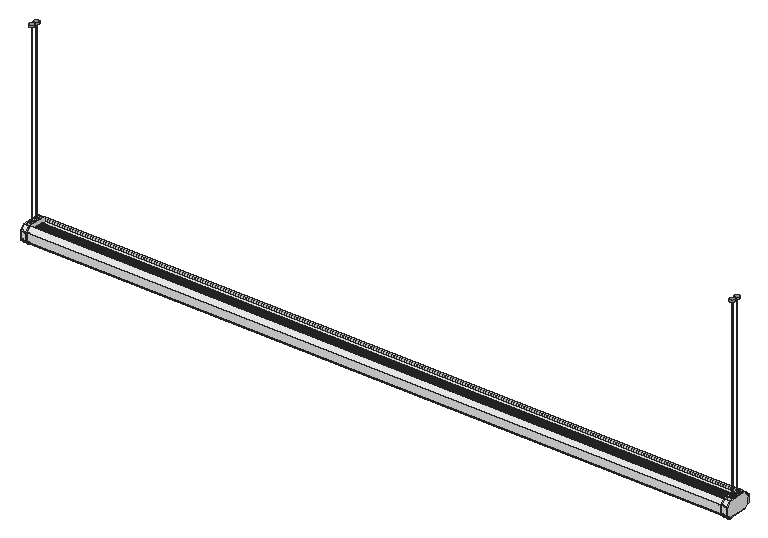
Revit family "Uno Suspended Lighting Fixture 1", category Lighting Fixtures, host Ceiling, Revit 2018 (continued)
Definition of nested family "Uno Suspended-UNOS1-1"
  Automatic sketch dimensions
    Extrusion 20 sketch curve to plane 14 = 0' - 0.02912"
    Extrusion 20 sketch curve to plane 5 = 0' - 0.02059"  (x2)
    Extrusion 20 sketch curve to plane 15 = 0' - 0.06523"  (x2)
    Extrusion 20 sketch curve to plane 14 = 0' - 0.06523"  (x2)
    Extrusion 20 sketch curve to Extrusion 20 sketch curve = 0' - 0"
    Extrusion 20 sketch curve to plane 9 = 0' - 0.10773"  (x2)
    Extrusion 20 sketch curve to plane 7 = 0' - 0 11/256"
    Revolve 21 sketch curve to plane 26 = 0' - 0"  (x2)
    plane 26 to Revolve 21 sketch curve = 0' - 0.0584"
    plane 7 to Revolve 21 sketch curve = 0' - 0 1/256"
    Revolve 21 sketch curve to Revolve 21 sketch curve = 0' - 0.07117"
    Revolve 21 sketch curve to Revolve 21 sketch curve = 0' - 0.04714"  (x2)
    Revolve 21 sketch curve to plane 7 = 0' - 0 3/64"
    Revolve 21 sketch curve to Revolve 21 sketch curve = 0' - 0.02475"  (x2)
    Revolve 21 sketch curve to Revolve 21 sketch curve = 0' - 0.05341"
    Revolve 21 sketch curve to Revolve 21 sketch curve = 0' - 0"
    Revolve 21 sketch curve to Revolve 21 sketch curve = 0' - 0.12376"
    plane 9 to Revolve 22 sketch curve = 0' - 0.0611"
    Revolve 22 sketch curve to plane 23 = 0' - 0.35876"
    Revolve 22 sketch curve to Revolve 22 sketch curve = 0' - 0.0584"
    plane 7 to Revolve 22 sketch curve = 0' - 0 1/256"
    Revolve 22 sketch curve to Revolve 22 sketch curve = 0' - 0.07117"
    Revolve 22 sketch curve to Revolve 22 sketch curve = 0' - 0.04714"  (x2)
    Revolve 22 sketch curve to Revolve 22 sketch curve = 0' - 0.02475"
    Revolve 22 sketch curve to Revolve 22 sketch curve = 0' - 0.05341"
    Revolve 22 sketch curve to plane 7 = 0' - 0 3/64"
    Revolve 22 sketch curve to Revolve 22 sketch curve = 0' - 0"  (x2)
    Revolve 22 sketch curve to Revolve 22 sketch curve = 0' - 0.12376"
    plane 1 "Light Source Axis (F/B)" to Extrusion 23 sketch curve = 0' - 0"
    Extrusion 23 sketch curve to plane 23 = 0' - 0.35876"
    Extrusion 24 sketch curve to plane 23 = 0' - 0.35876"
    radius of Extrusion 6 sketch curve = 0' - 0.13765"  (x3)
    radius of Extrusion 7 sketch curve = 0' - 0.13765"  (x3)
    radius of Extrusion 13 sketch curve = 0' - 0.03694"
    radius of Extrusion 13 sketch curve = 0' - 0.03704"
    radius of Extrusion 14 sketch curve = 0' - 0 9/256"  (x2)
    radius of Extrusion 15 sketch curve = 0' - 0.32865"  (x2)
    radius of Extrusion 15 sketch curve = 0' - 0 21/64"  (x2)
    radius of Extrusion 23 sketch curve = 0' - 0 9/256"  (x2)
    radius of Extrusion 24 sketch curve = 0' - 0.32865"  (x2)
Definition of nested family "Uno Suspended-UNOS1 With Joiner 2"
  Parameters (values of type "8FT")
    Width [instance] = 3' - 10"
    Wattage = 9.2903 W
    built-in parameter 1150110 = 1 (stored number, unit not read)
    built-in parameter 1114217 = 1 (stored number, unit not read)
    Tilt Angle = 90.00°
    built-in parameter 1150109 = 1 (stored number, unit not read)
    built-in parameter 1150134 = (empty or 0)
    built-in parameter 1150113 = 1 (stored number, unit not read)
    Standard Power Dropdown [instance] = yes
    Power over Aircraft Cable [instance] = no
    Photometric Web File = ""
    built-in parameter 1150142 = (empty or 0)
    Material = none
    Lumens = 1075.82 lm
    built-in parameter 1150115 = 1 (stored number, unit not read)
    built-in parameter 1150105 = 85.611 (stored number, unit not read)
    built-in parameter 1150137 = (empty or 0)
    built-in parameter 1150139 = (empty or 0)
    Length = 8' - 0"
    built-in parameter 1150112 = 1 (stored number, unit not read)
    built-in parameter 1150114 = 1 (stored number, unit not read)
    built-in parameter 1150132 = (empty or 0)
    built-in parameter 1150102 = (empty or 0)
    built-in parameter 1150138 = (empty or 0)
    built-in parameter 1150107 = 3000 (stored number, unit not read)
    built-in parameter 1150106 = 0.85611 (stored number, unit not read)
    Heigth = 0' - 2.17"
    Hanger = none
    Glass = none
    Emit from Line Length = 8' - 0"
    built-in parameter 1150104 = 10.758 (stored number, unit not read)
    Distance from ceiling = 5' - 0"
    Dimming Lamp Color Temperature Shift = (empty or 0)
    Depth = 0' - 3.67"
    Color Filter = 16777215
    built-in parameter 1114218 = 1 (stored number, unit not read)
    built-in parameter 1150133 = 10 (stored number, unit not read)
  Types (2): name | Length | Emit from Line Length
    6FT | 6' - 0" | 6' - 0"
    8FT | 8' - 0" | 8' - 0"
  Reference planes (in)
    plane 1 "Light Source Axis (F/B)": y = 0
    plane 2 "Ceiling": z = 96
    plane 3 "Light Source Axis (L/R)": x = 0
    plane 4 "Light Source Elevation": z = 34.915
    plane 5: x = 48
    plane 6: y = 1.835
    plane 7: y = -1.835
    plane 8: z = 36
    plane 9: z = 33.83
    plane 10: z = 35.84252
    plane 11: y = 1.67752
    plane 12: y = -1.67752
    plane 13: z = 33.98748
    plane 14: z = 34.915
    plane 15: z = 35.4575
    plane 16: z = 34.3725
    plane 17: x = -48
    plane 18: x = -47.125
    plane 19: x = 47.125
    plane 20: y = 1.335
    plane 21: y = -1.335
    plane 22: x = -47.20374
    plane 23: x = -47.92126
    plane 24: x = -47.5625
    plane 25: y = 1.085
    plane 26: y = -1.085
    plane 27: z = 33.90874
    plane 28: z = 95.84252
    plane 29: x = -0.25
    plane 30: x = 0.25
    plane 31: x = 47.92188
    plane 32: x = 47.20313
  Forms (in)
    Extrusion 1, solid, material <- "Material"
      sketch origin (0, 0, 0) x (0, 1, 0) y (0, 0, 1)
        loop
          line (1.81441, 35.47809) -> (1.2925, 36) -> (1.2925, 35.5) -> (0.81839, 35.5) -> (0.81839, 36) -> (-0.81839, 36) -> (-0.81839, 35.5) -> (-1.2925, 35.5) -> (-1.2925, 36) -> (-1.81466, 35.47784)
          arc (-1.81466, 35.47784) -> (-1.82971, 35.45531) -> (-1.835, 35.42873) r 0.06946
          line (-1.835, 35.42873) -> (-1.835, 34.40162)
          arc (-1.835, 34.40162) -> (-1.82965, 34.37472) -> (-1.81441, 34.35191) r 0.07031
          line (-1.81441, 34.35191) -> (-1.2925, 33.83) -> (1.2925, 33.83) -> (1.81441, 34.35191)
          arc (1.81441, 34.35191) -> (1.82965, 34.37472) -> (1.835, 34.40162) r 0.07031
          line (1.835, 34.40162) -> (1.835, 35.42838)
          arc (1.835, 35.42838) -> (1.82965, 35.45528) -> (1.81441, 35.47809) r 0.07031
        loop
          line (1.335, 35.4575) -> (0.39377, 35.4575) -> (0.39377, 35.63804) -> (0.58429, 35.63804) -> (0.58429, 35.5) -> (0.77589, 35.5) -> (0.77589, 35.95703) -> (-0.77589, 35.95703) -> (-0.77589, 35.5) -> (-0.58429, 35.5) -> (-0.58429, 35.63804) -> (-0.39377, 35.63804) -> (-0.39377, 35.4575) -> (-1.335, 35.4575) -> (-1.335, 35.73479) -> (-1.67752, 35.39227) -> (-1.67752, 34.43773) -> (-1.22727, 33.98748) -> (1.22727, 33.98748) -> (1.67752, 34.43773) -> (1.67752, 35.39227) -> (1.335, 35.73479) -> (1.335, 35.4575)
        loop
          circle (-0.48903, 35.54777) r 0.03125
        loop
          circle (0.48903, 35.54777) r 0.03125
      from -47.92126 to -47.20374
    Extrusion 2, solid, material <- "Material"
      sketch origin (0, 0, 0) x (0, 1, 0) y (0, 0, 1)
        loop
          line (1.835, 34.40162) -> (1.835, 35.42838)
          arc (1.835, 35.42838) -> (1.82965, 35.45528) -> (1.81441, 35.47809) r 0.07031
          line (1.81441, 35.47809) -> (1.2925, 36) -> (-1.2925, 36) -> (-1.81466, 35.47784)
          arc (-1.81466, 35.47784) -> (-1.82971, 35.45531) -> (-1.835, 35.42873) r 0.06946
          line (-1.835, 35.42873) -> (-1.835, 34.40162)
          arc (-1.835, 34.40162) -> (-1.82965, 34.37472) -> (-1.81441, 34.35191) r 0.07031
          line (-1.81441, 34.35191) -> (-1.2925, 33.83) -> (1.2925, 33.83) -> (1.81441, 34.35191)
          arc (1.81441, 34.35191) -> (1.82965, 34.37472) -> (1.835, 34.40162) r 0.07031
      from -47.20374 to -47.125
    Extrusion 3, solid, material <- "Material"
      sketch origin (0, 0, 0) x (0, 1, 0) y (0, 0, -1)
        loop
          arc (1.835, -34.40162) -> (1.82965, -34.37472) -> (1.81441, -34.35191) r 0.07031
          line (1.81441, -34.35191) -> (1.30507, -33.84257)
          arc (1.30507, -33.84257) -> (1.29114, -33.83327) -> (1.2747, -33.83) r 0.04297
          line (1.2747, -33.83) -> (-1.2747, -33.83)
          arc (-1.2747, -33.83) -> (-1.29113, -33.83327) -> (-1.30507, -33.84257) r 0.04297
          line (-1.30507, -33.84257) -> (-1.81441, -34.35191)
          arc (-1.81441, -34.35191) -> (-1.82965, -34.37472) -> (-1.835, -34.40162) r 0.07031
          line (-1.835, -34.40162) -> (-1.835, -35.42873)
          arc (-1.835, -35.42873) -> (-1.82971, -35.45531) -> (-1.81466, -35.47784) r 0.06946
          line (-1.81466, -35.47784) -> (-1.2925, -36) -> (1.2925, -36) -> (1.81441, -35.47809)
          arc (1.81441, -35.47809) -> (1.82965, -35.45528) -> (1.835, -35.42838) r 0.07031
          line (1.835, -35.42838) -> (1.835, -34.40162)
      from -48 to -47.92187
    Extrusion 4, solid, material <- "Material"
      sketch origin (-46.875, 0, 0) x (0, 1, 0) y (0, 0, -1)
        loop
          line (1.76893, -34.39987) -> (1.26513, -33.89607) -> (-1.26513, -33.89607) -> (-1.76893, -34.39987) -> (-1.76893, -35.43013) -> (-1.26513, -35.93393) -> (1.26513, -35.93393) -> (1.76893, -35.43013) -> (1.76893, -34.39987)
      from 1.04626 to 1.125
    Extrusion 5, void
      sketch origin (0, 0, 0) x (-1, 0, 0) y (0, -1, 0)
        loop
          circle (47.5625, 0) r 0.13765
        loop
          circle (47.5625, -0.39377) r 0.13765
        loop
          circle (47.5625, 0.39377) r 0.13765
      from 35.84252 to 36
    Extrusion 6, void
      sketch origin (0, 0, 0) x (1, 0, 0) y (0, 1, 0)
        loop
          line (-47.125, 1.085) -> (-47.125, -1.085) -> (1.6802, -1.085) -> (47.92187, -1.085) -> (47.92187, 1.085) -> (1.22247, 1.085) -> (-47.125, 1.085)
      from 33.83 to 33.98748
    Revolve 7, solid, material <- "Hanger", visible <- "Power over Aircraft Cable"
      sketch origin (0, 0.39377, 0) x (1, 0, 0) y (0, 0, 1)
        loop
          arc (-47.38579, 36.00391) -> (-47.36103, 36.02866) -> (-47.38579, 36.05341) r 0.02475
          line (-47.38579, 36.05341) -> (-47.5041, 36.05341) -> (-47.5041, 36.10683) -> (-47.5625, 36.10683) -> (-47.5625, 35.90362) -> (-47.38579, 35.90362)
          arc (-47.38579, 35.90362) -> (-47.36103, 35.92837) -> (-47.38579, 35.95313) r 0.02475
          line (-47.38579, 35.95313) -> (-47.43293, 35.95313) -> (-47.43293, 36.00391) -> (-47.38579, 36.00391)
        axis (-47.5625, 35.90362) -> (-47.5625, 36.10683)
      angle from 0 to 360
    Revolve 8, solid, material <- "Hanger", visible <- "Power over Aircraft Cable"
      sketch origin (0, -0.39377, 0) x (1, 0, 0) y (0, 0, -1)
        loop
          line (-47.38579, -36.00391) -> (-47.43293, -36.00391) -> (-47.43293, -35.95313) -> (-47.38579, -35.95313)
          arc (-47.38579, -35.95313) -> (-47.36103, -35.92837) -> (-47.38579, -35.90362) r 0.02475
          line (-47.38579, -35.90362) -> (-47.5625, -35.90362) -> (-47.5625, -36.10683) -> (-47.5041, -36.10683) -> (-47.5041, -36.05341) -> (-47.38579, -36.05341)
          arc (-47.38579, -36.05341) -> (-47.36103, -36.02866) -> (-47.38579, -36.00391) r 0.02475
        axis (-47.5625, -35.90362) -> (-47.5625, -36.10683)
      angle from 0 to 360
    Extrusion 9, solid, material <- "Hanger", visible <- "Power over Aircraft Cable"
      sketch origin (0, 0, 0) x (1, 0, 0) y (0, 1, 0)
        loop
          circle (-47.5625, 0.39377) r 0.03694
        loop
          circle (-47.5625, -0.39377) r 0.03704
      from 36 to 95.84252
    Extrusion 10, solid, material <- "Glass"
      sketch origin (0, 0, 0) x (0, 1, 0) y (0, 0, -1)
        loop
          line (1.085, -33.98748) -> (1.085, -33.90874) -> (-1.085, -33.90874) -> (-1.085, -33.98748) -> (1.085, -33.98748)
      from -47.92187 to 47.125
    Extrusion 11, solid, material <- "Material"
      sketch origin (0, 0, 0) x (0, 1, 0) y (0, 0, -1)
        loop
          arc (1.835, -34.40162) -> (1.82965, -34.37472) -> (1.81441, -34.35191) r 0.07031
          line (1.81441, -34.35191) -> (1.2925, -33.83) -> (-1.2925, -33.83) -> (-1.81441, -34.35191)
          arc (-1.81441, -34.35191) -> (-1.82965, -34.37472) -> (-1.835, -34.40162) r 0.07031
          line (-1.835, -34.40162) -> (-1.835, -35.42873)
          arc (-1.835, -35.42873) -> (-1.82971, -35.45531) -> (-1.81466, -35.47784) r 0.06946
          line (-1.81466, -35.47784) -> (-1.2925, -36) -> (-1.2925, -35.5) -> (-0.69524, -35.5) -> (-0.69524, -35.56038)
          arc (-0.69524, -35.56038) -> (-0.67703, -35.5786) -> (-0.65881, -35.56038) r 0.01821
          line (-0.65881, -35.56038) -> (-0.65881, -35.5) -> (-0.44524, -35.5) -> (-0.44524, -35.56038)
          arc (-0.44524, -35.56038) -> (-0.42703, -35.5786) -> (-0.40881, -35.56038) r 0.01821
          line (-0.40881, -35.56038) -> (-0.40881, -35.5) -> (-0.19524, -35.5) -> (-0.19524, -35.56038)
          arc (-0.19524, -35.56038) -> (-0.17703, -35.5786) -> (-0.15881, -35.56038) r 0.01821
          line (-0.15881, -35.56038) -> (-0.15881, -35.5) -> (0.15881, -35.5) -> (0.15881, -35.56038)
          arc (0.15881, -35.56038) -> (0.17703, -35.5786) -> (0.19524, -35.56038) r 0.01821
          line (0.19524, -35.56038) -> (0.19524, -35.5) -> (0.40881, -35.5) -> (0.40881, -35.56038)
          arc (0.40881, -35.56038) -> (0.42703, -35.5786) -> (0.44524, -35.56038) r 0.01821
          line (0.44524, -35.56038) -> (0.44524, -35.5) -> (0.65881, -35.5) -> (0.65881, -35.56038)
          arc (0.65881, -35.56038) -> (0.67703, -35.5786) -> (0.69524, -35.56038) r 0.01821
          line (0.69524, -35.56038) -> (0.69524, -35.5) -> (1.2925, -35.5) -> (1.2925, -36) -> (1.81441, -35.47809)
          arc (1.81441, -35.47809) -> (1.82965, -35.45528) -> (1.835, -35.42838) r 0.07031
          line (1.835, -35.42838) -> (1.835, -34.40162)
        loop
          line (1.67752, -34.43773) -> (1.22727, -33.98748) -> (-1.22727, -33.98748) -> (-1.67752, -34.43773) -> (-1.67752, -35.39227) -> (-1.335, -35.73479) -> (-1.335, -35.4575) -> (1.335, -35.4575) -> (1.335, -35.73479) -> (1.67752, -35.39227) -> (1.67752, -34.43773)
      from -47.92187 to 47.125
    Sweep 12, solid, material <- "Material"
      path in 3D
        loop
          line (-48, 1.26513, 35.93393) -> (-48, 1.76893, 35.43013) -> (-48, 1.76893, 34.39987) -> (-48, 1.26513, 33.89607) -> (-48, -1.26513, 33.89607) -> (-48, -1.76893, 34.39987) -> (-48, -1.76893, 35.43013) -> (-48, -1.26513, 35.93393) -> (-48, 1.26513, 35.93393)
      profile origin (-48, 0, 35.93393) x (-1, 0, 0) y (0, 0, 1)
        loop
          line (-0.07874, 0.06607) -> (-0.07874, 0) -> (0, 0)
          arc (0, 0) -> (-0.02696, 0.04783) -> (-0.07874, 0.06607) r 0.07804
    Extrusion 13, solid, material <- "Hanger", visible <- "Power over Aircraft Cable"
      sketch origin (0, 0, 0) x (1, 0, 0) y (0, 1, 0)
        loop
          circle (-47.5625, 0.39377) r 0.32812
        loop
          circle (-47.5625, -0.39377) r 0.32812
      from 95.84252 to 96
    Extrusion 14, solid, material <- "Hanger", visible <- "Standard Power Dropdown"
      sketch origin (0, -0.39377, 0) x (1, 0, 0) y (0, 1, 0)
        loop
          circle (-47.5625, 0.39377) r 0.03694
      from 36.10683 to 95.84252
    Extrusion 15, solid, visible <- "Standard Power Dropdown"
      sketch origin (0, -0.39377, 0) x (1, 0, 0) y (0, 1, 0)
        loop
          circle (-47.5625, 0.39377) r 0.32812
      from 95.84252 to 96
    Revolve 16, solid, material <- "Hanger", visible <- "Standard Power Dropdown"
      sketch origin (0, 0, 0) x (1, 0, 0) y (0, 0, 1)
        loop
          arc (-47.38579, 36.00391) -> (-47.36103, 36.02866) -> (-47.38579, 36.05341) r 0.02475
          line (-47.38579, 36.05341) -> (-47.5041, 36.05341) -> (-47.5041, 36.10683) -> (-47.5625, 36.10683) -> (-47.5625, 35.90362) -> (-47.38579, 35.90362)
          arc (-47.38579, 35.90362) -> (-47.36103, 35.92837) -> (-47.38579, 35.95313) r 0.02475
          line (-47.38579, 35.95313) -> (-47.43293, 35.95313) -> (-47.43293, 36.00391) -> (-47.38579, 36.00391)
        axis (-47.5625, 35.90362) -> (-47.5625, 36.10683)
      angle from 0 to 360
  Cuts and joins
    Extrusion 5 cuts Extrusion 1
    Extrusion 6 cuts Extrusion 11
  Lines and regions (in)
    sketch lines
      curve 1: line (-48, -1.26513, 35.93393) -> (-48, 1.26513, 35.93393)
      curve 2: line (-48, 1.26513, 35.93393) -> (-48, 1.76893, 35.43013)
      curve 3: line (-48, 1.76893, 35.43013) -> (-48, 1.76893, 34.39987)
      curve 4: line (-48, 1.76893, 34.39987) -> (-48, 1.26513, 33.89607)
      curve 5: line (-48, 1.26513, 33.89607) -> (-48, -1.26513, 33.89607)
      curve 6: line (-48, -1.26513, 33.89607) -> (-48, -1.76893, 34.39987)
      curve 7: line (-48, -1.76893, 34.39987) -> (-48, -1.76893, 35.43013)
      curve 8: line (-48, -1.76893, 35.43013) -> (-48, -1.26513, 35.93393)
  Dimensions and locks (in)
    equal spacing: host sketch curve, plane 3 "Light Source Axis (L/R)", host sketch curve
    equal spacing: host sketch curve, plane 1 "Light Source Axis (F/B)", host sketch curve
    host sketch curve to host sketch curve = 10' - 0"  (x2)
    plane 3 "Light Source Axis (L/R)" to plane 5 = 4' - 0"
    equal spacing: plane 6, plane 1 "Light Source Axis (F/B)", plane 7
    "Depth": plane 6 to plane 7
    "Distance from ceiling": plane 2 "Ceiling" to plane 8
    locked: plane 8 to plane 10 at 0.15748
    locked: plane 13 to plane 9 at 0.15748
    locked: plane 6 to plane 11 at 0.15748
    locked: plane 12 to plane 7 at 0.15748
    equal spacing: plane 8, plane 14, plane 9
    plane 6 to plane 20 = 0' - 0 1/2"
    locked: plane 7 to plane 21 at 0.5
    "Heigth": plane 8 to plane 9
    equal spacing: plane 8, plane 15, plane 14
    equal spacing: plane 14, plane 16, plane 9
    locked: Extrusion 1 sketch curve to plane 15 at 0.0425
    locked: Extrusion 1 sketch curve to Extrusion 1 sketch curve at 0.0425
    locked: Extrusion 1 sketch curve to plane 21 at 0.0425
    plane 20 to Extrusion 1 sketch curve to Extrusion 1 sketch curve = 0' - 0.51661" locked, 0' - 0.0425" locked
    Extrusion 1 sketch curve to Extrusion 1 sketch curve to plane 21 = 0' - 0.0425" locked, 0' - 0.51661" locked
    locked: plane 22 to plane 18 at 0.07874
    locked: Extrusion 1 to Extrusion 1 at 0.0425
    locked: Extrusion 1 to plane 21 at 0.0425
    locked: plane 23 to plane 17 at 0.07874
    equal spacing: plane 22, plane 24, plane 23
    equal spacing: plane 23, Extrusion 5 sketch curve, plane 22  (x3)
    locked: plane 1 "Light Source Axis (F/B)" to Extrusion 5 sketch curve at 0.39377
    locked: Extrusion 5 sketch curve to plane 1 "Light Source Axis (F/B)" at 0.39377
    locked: plane 20 to plane 25 at 0.25
    locked: plane 21 to plane 26 at 0.25
    equal spacing: plane 13, plane 27, plane 9
    locked: plane 1 "Light Source Axis (F/B)" to Extrusion 9 sketch curve at 0.39377
    locked: plane 23 to Extrusion 9 sketch curve at 0.35876  (x2)
    locked: Extrusion 9 sketch curve to plane 1 "Light Source Axis (F/B)" at 0.39377
    locked: plane 2 "Ceiling" to plane 28 at 0.15748
    plane 23 to plane 24 = 0' - 0.35876"
    plane 29 to plane 3 "Light Source Axis (L/R)" to plane 30 = 0' - 0 1/4" locked, 0' - 0 1/4" locked
    locked: plane 31 to plane 5 at 0.07812
    locked: plane 19 to plane 32 at 0.07813
    Extrusion 11 sketch curve to plane 15 to Extrusion 11 sketch curve = 0' - 0.02034" locked, 0' - 0.02877" locked
    locked: plane 15 to Extrusion 11 sketch curve at 0.06523  (x2)
    Extrusion 11 sketch curve to plane 16 to Extrusion 11 sketch curve = 0' - 0.02059" locked, 0' - 0.02912" locked
    locked: plane 16 to Extrusion 11 sketch curve at 0.06523
    Extrusion 11 sketch curve to plane 15 to Extrusion 11 sketch curve = 0' - 0.02059" locked, 0' - 0.02912" locked
    locked: cut or joined group of Extrusion 1, Extrusion 5 to cut or joined group of Extrusion 1, Extrusion 5 at 0.0425
    Extrusion 11 sketch curve to Extrusion 11 sketch curve to Extrusion 11 sketch curve to plane 1 "Light Source Axis (F/B)" = 0' - 0 1/4" locked, 0' - 0 1/4" locked, 0' - 0.17703" locked
    plane 1 "Light Source Axis (F/B)" to Extrusion 11 sketch curve to Extrusion 11 sketch curve to Extrusion 11 sketch curve = 0' - 0.17703" locked, 0' - 0 1/4" locked, 0' - 0 1/4" locked
    "Length": plane 17 to plane 5
    equal spacing: plane 17, plane 3 "Light Source Axis (L/R)", plane 5
    plane 19 to plane 5 = 0' - 0 7/8"
    aligned and locked: plane 3 "Light Source Axis (L/R)" to imposter light
    aligned and locked: plane 1 "Light Source Axis (F/B)" to imposter light
    aligned and locked: plane 4 "Light Source Elevation" to imposter light
    aligned and locked: plane 15 to Extrusion 1 sketch curve
    aligned and locked: Extrusion 1 sketch curve to plane 21
    aligned and locked: plane 22 to Extrusion 1
    aligned and locked: plane 8 to Extrusion 2 sketch curve
    aligned and locked: plane 9 to Extrusion 2 sketch curve
    aligned and locked: Extrusion 2 sketch curve to Extrusion 1  (x2)
    aligned and locked: Extrusion 2 to Extrusion 1
    aligned and locked: plane 18 to Extrusion 2
    aligned and locked: Extrusion 1 to plane 23
    aligned and locked: Extrusion 4 to Extrusion 1
    aligned and locked: Extrusion 4 to plane 17
    aligned and locked: plane 1 "Light Source Axis (F/B)" to Extrusion 5 sketch curve
    aligned and locked: Extrusion 6 sketch curve to plane 18
    aligned and locked: plane 13 to Extrusion 6
    aligned and locked: Extrusion 6 to plane 9
    aligned and locked: Extrusion 6 sketch curve to plane 25
    aligned and locked: Extrusion 6 sketch curve to plane 26
    aligned and locked: plane 28 to Extrusion 9
    aligned and locked: Extrusion 9 to plane 8
    aligned and locked: Extrusion 10 sketch curve to plane 13
    aligned and locked: Extrusion 10 sketch curve to plane 27
    aligned and locked: Extrusion 10 sketch curve to plane 25
    aligned and locked: plane 26 to Extrusion 10 sketch curve
    aligned and locked: Extrusion 5 to plane 10
    aligned and locked: plane 8 to Extrusion 5
    aligned and locked: Extrusion 2 sketch curve to cut or joined group of Extrusion 1, Extrusion 5  (x4)
    aligned and locked: Extrusion 11 to plane 18
    aligned and locked: Extrusion 10 to plane 18
    aligned and locked: plane 5 to Extrusion 3
    aligned and locked: Extrusion 3 to plane 31
    aligned and locked: plane 2 "Ceiling" to Extrusion 13
    aligned and locked: Extrusion 13 to plane 28
    aligned and locked: Extrusion 11 sketch curve to plane 6
    aligned and locked: Extrusion 11 sketch curve to plane 11
    aligned and locked: Extrusion 11 sketch curve to plane 9
    aligned and locked: Extrusion 11 sketch curve to plane 13
    aligned and locked: plane 9 to Extrusion 11 sketch curve
    aligned and locked: plane 13 to Extrusion 11 sketch curve
    aligned and locked: plane 12 to Extrusion 11 sketch curve
    aligned and locked: Extrusion 11 sketch curve to plane 7
    aligned and locked: plane 8 to Extrusion 11 sketch curve
    aligned and locked: cut or joined group of Extrusion 1, Extrusion 5 to Extrusion 11 sketch curve
    aligned and locked: plane 4 "Light Source Elevation" to plane 14
    aligned and locked: plane 1 "Light Source Axis (F/B)" to Extrusion 14 sketch curve
    aligned and locked: plane 24 to Extrusion 14 sketch curve
    aligned and locked: plane 28 to Extrusion 14
    aligned and locked: Extrusion 15 to plane 28
    aligned and locked: plane 2 "Ceiling" to Extrusion 15
    aligned and locked: Extrusion 9 to Extrusion 14
    aligned and locked: Revolve 16 sketch curve to plane 24
    aligned and locked: Extrusion 14 to Revolve 16
    aligned and locked: plane 31 to cut or joined group of Extrusion 6, Extrusion 11
    aligned and locked: plane 31 to Extrusion 10
    aligned and locked: Extrusion 6 sketch curve to plane 31
  Automatic sketch dimensions
    Extrusion 1 sketch curve to plane 7 = 0' - 0"
    Extrusion 1 sketch curve to plane 12 = 0' - 0"
    Extrusion 1 sketch curve to plane 9 = 0' - 0"
    Extrusion 1 sketch curve to plane 13 = 0' - 0"
    Extrusion 1 sketch curve to plane 15 = 0' - 0"
    Extrusion 1 sketch curve to plane 8 = 0' - 0"  (x3)
    Extrusion 1 sketch curve to plane 20 = 0' - 0"
    Extrusion 1 sketch curve to plane 11 = 0' - 0"
    Extrusion 1 sketch curve to plane 6 = 0' - 0"
    plane 7 to Extrusion 1 sketch curve = 0' - 0.02034"
    plane 7 to Extrusion 1 sketch curve = 0' - 0.02059"
    Extrusion 1 sketch curve to plane 15 = 0' - 0.02877"
    Extrusion 1 sketch curve to Extrusion 1 sketch curve = 0' - 0.04911"
    Extrusion 1 sketch curve to plane 16 = 0' - 0.02912"  (x2)
    Extrusion 1 sketch curve to Extrusion 1 sketch curve = 0' - 0 9/128"
    Extrusion 1 sketch curve to plane 21 = 0' - 0.0425"
    Extrusion 1 sketch curve to plane 21 = 0' - 0.10773"
    Extrusion 1 sketch curve to Extrusion 1 sketch curve = 0' - 0.19159"
    Extrusion 1 sketch curve to Extrusion 1 sketch curve = 0' - 0.09526"  (x4)
    Extrusion 1 sketch curve to Extrusion 1 sketch curve = 0' - 0.38212"
    plane 15 to Extrusion 1 sketch curve = 0' - 0.0425"
    Extrusion 1 sketch curve to plane 20 = 0' - 0.10773"
    Extrusion 1 sketch curve to plane 20 = 0' - 0.0425"
    Extrusion 1 sketch curve to plane 15 = 0' - 0.02912"
    Extrusion 1 sketch curve to plane 6 = 0' - 0 9/128"  (x2)
    Extrusion 1 sketch curve to plane 6 = 0' - 0.02059"  (x2)
    Extrusion 1 sketch curve to plane 16 = 0' - 0.06523"  (x2)
    Extrusion 1 sketch curve to plane 15 = 0' - 0.06523"  (x2)
    Extrusion 1 sketch curve to Extrusion 1 sketch curve = 0' - 0"  (x2)
    plane 15 to Extrusion 1 sketch curve = 0' - 0.09027"  (x2)
    Extrusion 1 sketch curve to Extrusion 1 sketch curve = 0' - 0.09027"  (x2)
    Extrusion 1 sketch curve to plane 10 = 0' - 0.10773"  (x2)
    Extrusion 1 sketch curve to plane 8 = 0' - 0 11/256"
    plane 7 to Extrusion 2 sketch curve = 0' - 0.02034"
    plane 7 to Extrusion 2 sketch curve = 0' - 0.02059"
    Extrusion 2 sketch curve to plane 21 = 0' - 0.0425"
    Extrusion 2 sketch curve to plane 20 = 0' - 0.0425"
    Extrusion 2 sketch curve to plane 6 = 0' - 0.02059"  (x2)
    Extrusion 3 sketch curve to plane 7 = 0' - 0"
    Extrusion 3 sketch curve to plane 9 = 0' - 0"
    Extrusion 3 sketch curve to plane 6 = 0' - 0"
    plane 7 to Extrusion 3 sketch curve = 0' - 0.02034"
    plane 7 to Extrusion 3 sketch curve = 0' - 0.02059"
    Extrusion 3 sketch curve to plane 15 = 0' - 0.02877"
    plane 7 to Extrusion 3 sketch curve = 0' - 0.06946"
    Extrusion 3 sketch curve to plane 16 = 0' - 0.02912"  (x2)
    plane 7 to Extrusion 3 sketch curve = 0' - 0 9/128"
    plane 9 to Extrusion 3 sketch curve = 0' - 0.01257"  (x2)
    Extrusion 3 sketch curve to plane 21 = 0' - 0.02993"
    Extrusion 3 sketch curve to Extrusion 3 sketch curve = 0' - 0.03037"
    Extrusion 3 sketch curve to plane 20 = 0' - 0.0603"
    Extrusion 3 sketch curve to plane 20 = 0' - 0.02993"
    Extrusion 3 sketch curve to plane 15 = 0' - 0.02912"
    Extrusion 3 sketch curve to Extrusion 3 sketch curve = 0' - 0 9/128"  (x2)
    Extrusion 3 sketch curve to plane 6 = 0' - 0.02059"  (x2)
    Extrusion 4 sketch curve to plane 16 = 0' - 0.02737"  (x2)
    plane 7 to Extrusion 4 sketch curve = 0' - 0.06607"
    Extrusion 4 sketch curve to plane 21 = 0' - 0.06987"  (x2)
    Extrusion 4 sketch curve to plane 27 = 0' - 0.01267"
    Extrusion 4 sketch curve to plane 20 = 0' - 0.06987"  (x2)
    Extrusion 4 sketch curve to plane 6 = 0' - 0.06607"
    Extrusion 4 sketch curve to plane 15 = 0' - 0.02737"  (x2)
    Extrusion 4 sketch curve to plane 8 = 0' - 0.06607"
    Extrusion 6 sketch curve to plane 30 = 0' - 0.97247"
    Extrusion 6 sketch curve to plane 30 = 0' - 1.4302"
    Revolve 7 sketch curve to plane 24 = 0' - 0"  (x2)
    plane 24 to Revolve 7 sketch curve = 0' - 0.0584"
    plane 8 to Revolve 7 sketch curve = 0' - 0 1/256"
    Revolve 7 sketch curve to Revolve 7 sketch curve = 0' - 0.07117"
    Revolve 7 sketch curve to Revolve 7 sketch curve = 0' - 0.04714"  (x2)
    Revolve 7 sketch curve to plane 8 = 0' - 0 3/64"
    Revolve 7 sketch curve to Revolve 7 sketch curve = 0' - 0.02475"  (x2)
    Revolve 7 sketch curve to Revolve 7 sketch curve = 0' - 0.05341"
    Revolve 7 sketch curve to Revolve 7 sketch curve = 0' - 0"
    Revolve 7 sketch curve to Revolve 7 sketch curve = 0' - 0.12376"
    Revolve 8 sketch curve to plane 24 = 0' - 0"  (x2)
    plane 24 to Revolve 8 sketch curve = 0' - 0.0584"
    plane 8 to Revolve 8 sketch curve = 0' - 0 1/256"
    Revolve 8 sketch curve to Revolve 8 sketch curve = 0' - 0.07117"
    Revolve 8 sketch curve to Revolve 8 sketch curve = 0' - 0.04714"  (x2)
    Revolve 8 sketch curve to Revolve 8 sketch curve = 0' - 0.02475"  (x2)
    Revolve 8 sketch curve to Revolve 8 sketch curve = 0' - 0.05341"
    Revolve 8 sketch curve to plane 8 = 0' - 0 3/64"
    Revolve 8 sketch curve to Revolve 8 sketch curve = 0' - 0"
    Revolve 8 sketch curve to Revolve 8 sketch curve = 0' - 0.12376"
    Extrusion 11 sketch curve to plane 15 = 0' - 0"
    Extrusion 11 sketch curve to plane 21 = 0' - 0"
    Extrusion 11 sketch curve to plane 8 = 0' - 0"
    Extrusion 11 sketch curve to plane 20 = 0' - 0"
    plane 7 to Extrusion 11 sketch curve = 0' - 0.02034"
    plane 7 to Extrusion 11 sketch curve = 0' - 0.02059"
    Extrusion 11 sketch curve to plane 21 = 0' - 0.0425"  (x2)
    Extrusion 11 sketch curve to plane 21 = 0' - 0.10773"
    Extrusion 11 sketch curve to Extrusion 11 sketch curve = 0' - 0.01821"  (x6)
    Extrusion 11 sketch curve to plane 20 = 0' - 0.10773"
    Extrusion 11 sketch curve to plane 20 = 0' - 0.0425"  (x2)
    Extrusion 11 sketch curve to plane 16 = 0' - 0.02912"
    Extrusion 11 sketch curve to plane 6 = 0' - 0 9/128"  (x2)
    Extrusion 11 sketch curve to plane 6 = 0' - 0.02059"
    Extrusion 11 sketch curve to plane 10 = 0' - 0.10773"  (x2)
    Extrusion 11 sketch curve to Extrusion 11 sketch curve = 0' - 0.06038"  (x2)
    plane 15 to Extrusion 11 sketch curve = 0' - 0.10288"  (x4)
    plane 15 to Extrusion 11 sketch curve = 0' - 0.0425"  (x2)
    Extrusion 11 sketch curve to Extrusion 11 sketch curve = 0' - 0"  (x4)
    Extrusion 11 sketch curve to plane 16 = 0' - 0.06523"
    Sweep 12 sketch curve to profile plane = 0' - 0"  (x2)
    Sweep 12 sketch curve to profile plane = 0' - 0.01196"
    profile plane to Sweep 12 sketch curve = 0' - 0.07712"
    Sweep 12 sketch curve to Sweep 12 sketch curve = 0' - 0.00162"
    Extrusion 13 sketch curve to plane 24 = 0' - 0"  (x2)
    plane 1 "Light Source Axis (F/B)" to Extrusion 13 sketch curve = 0' - 0.39377"
    Extrusion 13 sketch curve to plane 1 "Light Source Axis (F/B)" = 0' - 0.39377"
    plane 1 "Light Source Axis (F/B)" to Extrusion 15 sketch curve = 0' - 0"
    Extrusion 15 sketch curve to plane 24 = 0' - 0"
    Revolve 16 sketch curve to plane 24 = 0' - 0"
    plane 24 to Revolve 16 sketch curve = 0' - 0.0584"
    plane 8 to Revolve 16 sketch curve = 0' - 0 1/256"
    Revolve 16 sketch curve to Revolve 16 sketch curve = 0' - 0.07117"
    Revolve 16 sketch curve to Revolve 16 sketch curve = 0' - 0.04714"  (x2)
    Revolve 16 sketch curve to plane 8 = 0' - 0 3/64"
    Revolve 16 sketch curve to Revolve 16 sketch curve = 0' - 0.02475"  (x2)
    Revolve 16 sketch curve to Revolve 16 sketch curve = 0' - 0.05341"
    Revolve 16 sketch curve to Revolve 16 sketch curve = 0' - 0"
    Revolve 16 sketch curve to Revolve 16 sketch curve = 0' - 0.12376"
    Extrusion 3 sketch curve to plane 21 = 0' - 0.0425"
    Extrusion 3 sketch curve to plane 8 = 0' - 0"
    Extrusion 3 sketch curve to plane 20 = 0' - 0.0425"
    radius of Extrusion 1 sketch curve = 0' - 0 1/32"  (x2)
    radius of Extrusion 5 sketch curve = 0' - 0.13765"  (x3)
    radius of Extrusion 9 sketch curve = 0' - 0.03694"
    radius of Extrusion 9 sketch curve = 0' - 0.03704"
    radius of Extrusion 13 sketch curve = 0' - 0 21/64"  (x2)
    radius of Extrusion 14 sketch curve = 0' - 0.03694"
    radius of Extrusion 15 sketch curve = 0' - 0 21/64"
Definition of nested family "Uno Suspended-UNOS1 With Joiner"
  Parameters (values of type "8FT")
    Width [instance] = 3' - 10"
    Wattage = 9.2903 W
    built-in parameter 1150110 = 1 (stored number, unit not read)
    built-in parameter 1114217 = 1 (stored number, unit not read)
    Tilt Angle = 90.00°
    built-in parameter 1150109 = 1 (stored number, unit not read)
    built-in parameter 1150134 = (empty or 0)
    built-in parameter 1150113 = 1 (stored number, unit not read)
    Standard Power Dropdown [instance] = yes
    Power over Aircraft Cable [instance] = yes
    Photometric Web File = ""
    built-in parameter 1150142 = (empty or 0)
    Material = none
    Lumens = 1075.82 lm
    built-in parameter 1150115 = 1 (stored number, unit not read)
    built-in parameter 1150105 = 85.611 (stored number, unit not read)
    built-in parameter 1150137 = (empty or 0)
    built-in parameter 1150139 = (empty or 0)
    Length = 9' - 0"
    built-in parameter 1150112 = 1 (stored number, unit not read)
    built-in parameter 1150114 = 1 (stored number, unit not read)
    built-in parameter 1150132 = (empty or 0)
    built-in parameter 1150102 = (empty or 0)
    built-in parameter 1150138 = (empty or 0)
    built-in parameter 1150107 = 3000 (stored number, unit not read)
    built-in parameter 1150106 = 0.85611 (stored number, unit not read)
    Heigth = 0' - 2.17"
    Hanger = none
    Glass = none
    Emit from Circle Diameter = 8' - 0"
    Emit Shape Visible in Rendering = no
    built-in parameter 1150104 = 10.758 (stored number, unit not read)
    Distance from ceiling = 3' - 0"
    Dimming Lamp Color Temperature Shift = (empty or 0)
    Depth = 0' - 3.67"
    Color Filter = 16777215
    built-in parameter 1114218 = 1 (stored number, unit not read)
    built-in parameter 1150133 = 10 (stored number, unit not read)
  Types (3): name | Length | Emit from Circle Diameter | Distance from ceiling
    4FT | 4' - 0" | 4' - 0" | 2' - 0"
    6FT | 6' - 0" | 6' - 0" | 2' - 0"
    8FT | 9' - 0" | 8' - 0" | 3' - 0"
  Reference planes (in)
    plane 1 "Light Source Axis (F/B)": y = 0
    plane 2 "Ceiling": z = 96
    plane 3 "Light Source Axis (L/R)": x = 0
    plane 4 "Light Source Elevation": z = 58.915
    plane 5: y = 1.835
    plane 6: y = -1.835
    plane 7: z = 60
    plane 8: z = 57.83
    plane 9: z = 59.84252
    plane 10: y = 1.67752
    plane 11: y = -1.67752
    plane 12: z = 57.98748
    plane 13: z = 58.915
    plane 14: z = 59.4575
    plane 15: z = 58.3725
    plane 16: x = -54
    plane 17: x = -53.125
    plane 18: x = 53.125
    plane 19: y = 1.335
    plane 20: y = -1.335
    plane 21: x = -53.20374
    plane 22: x = 53.20374
    plane 23: x = -53.92126
    plane 24: x = 54
    plane 25: x = -53.5625
    plane 26: y = 1.085
    plane 27: y = -1.085
    plane 28: z = 57.90874
    plane 29: z = 95.84252
    plane 30: x = -0.25
    plane 31: x = 0.25
    plane 32: x = 53.5625
  Forms (in)
    Extrusion 1, solid, material <- "Material"
      sketch origin (0, 0, 0) x (0, 1, 0) y (0, 0, 1)
        loop
          line (1.81441, 59.47809) -> (1.2925, 60) -> (1.2925, 59.5) -> (0.81839, 59.5) -> (0.81839, 60) -> (-0.81839, 60) -> (-0.81839, 59.5) -> (-1.2925, 59.5) -> (-1.2925, 60) -> (-1.81466, 59.47784)
          arc (-1.81466, 59.47784) -> (-1.82971, 59.45531) -> (-1.835, 59.42873) r 0.06946
          line (-1.835, 59.42873) -> (-1.835, 58.40162)
          arc (-1.835, 58.40162) -> (-1.82965, 58.37472) -> (-1.81441, 58.35191) r 0.07031
          line (-1.81441, 58.35191) -> (-1.2925, 57.83) -> (1.2925, 57.83) -> (1.81441, 58.35191)
          arc (1.81441, 58.35191) -> (1.82965, 58.37472) -> (1.835, 58.40162) r 0.07031
          line (1.835, 58.40162) -> (1.835, 59.42838)
          arc (1.835, 59.42838) -> (1.82965, 59.45528) -> (1.81441, 59.47809) r 0.07031
        loop
          line (1.335, 59.4575) -> (0.39377, 59.4575) -> (0.39377, 59.63804) -> (0.58429, 59.63804) -> (0.58429, 59.5) -> (0.77589, 59.5) -> (0.77589, 59.95703) -> (-0.77589, 59.95703) -> (-0.77589, 59.5) -> (-0.58429, 59.5) -> (-0.58429, 59.63804) -> (-0.39377, 59.63804) -> (-0.39377, 59.4575) -> (-1.335, 59.4575) -> (-1.335, 59.73479) -> (-1.67752, 59.39227) -> (-1.67752, 58.43773) -> (-1.22727, 57.98748) -> (1.22727, 57.98748) -> (1.67752, 58.43773) -> (1.67752, 59.39227) -> (1.335, 59.73479) -> (1.335, 59.4575)
        loop
          circle (-0.48903, 59.54777) r 0.03125
        loop
          circle (0.48903, 59.54777) r 0.03125
      from -53.92126 to -53.20374
    Extrusion 2, solid, material <- "Material"
      sketch origin (0, 0, 0) x (0, 1, 0) y (0, 0, -1)
        loop
          arc (1.81441, -59.47809) -> (1.82965, -59.45528) -> (1.835, -59.42838) r 0.07031
          line (1.835, -59.42838) -> (1.835, -58.40162)
          arc (1.835, -58.40162) -> (1.82965, -58.37472) -> (1.81441, -58.35191) r 0.07031
          line (1.81441, -58.35191) -> (1.30507, -57.84257)
          arc (1.30507, -57.84257) -> (1.29114, -57.83327) -> (1.2747, -57.83) r 0.04297
          line (1.2747, -57.83) -> (-1.2747, -57.83)
          arc (-1.2747, -57.83) -> (-1.29115, -57.83327) -> (-1.30509, -57.84259) r 0.04297
          line (-1.30509, -57.84259) -> (-1.81441, -58.35191)
          arc (-1.81441, -58.35191) -> (-1.82965, -58.37472) -> (-1.835, -58.40162) r 0.07031
          line (-1.835, -58.40162) -> (-1.835, -59.42873)
          arc (-1.835, -59.42873) -> (-1.82971, -59.45531) -> (-1.81466, -59.47784) r 0.06946
          line (-1.81466, -59.47784) -> (-1.2925, -60) -> (-1.2925, -59.5) -> (-0.81839, -59.5) -> (-0.81839, -60) -> (0.81839, -60) -> (0.81839, -59.5) -> (1.2925, -59.5) -> (1.2925, -60) -> (1.81441, -59.47809)
        loop
          line (1.335, -59.4575) -> (1.335, -59.73479) -> (1.67752, -59.39227) -> (1.67752, -58.43773) -> (1.22727, -57.98748) -> (-1.22727, -57.98748) -> (-1.67752, -58.43773) -> (-1.67752, -59.39227) -> (-1.335, -59.73479) -> (-1.335, -59.4575) -> (-0.39377, -59.4575) -> (-0.39377, -59.63804) -> (-0.58429, -59.63804) -> (-0.58429, -59.5) -> (-0.77589, -59.5) -> (-0.77589, -59.95703) -> (0.77589, -59.95703) -> (0.77589, -59.5) -> (0.58429, -59.5) -> (0.58429, -59.63804) -> (0.39377, -59.63804) -> (0.39377, -59.4575) -> (1.335, -59.4575)
        loop
          circle (-0.48903, -59.54777) r 0.03125
        loop
          circle (0.48903, -59.54777) r 0.03125
      from -54 to -53.20374
    Extrusion 3, solid, material <- "Material"
      sketch origin (0, 0, 0) x (0, 1, 0) y (0, 0, 1)
        loop
          line (1.835, 58.40162) -> (1.835, 59.42838)
          arc (1.835, 59.42838) -> (1.82965, 59.45528) -> (1.81441, 59.47809) r 0.07031
          line (1.81441, 59.47809) -> (1.2925, 60) -> (-1.2925, 60) -> (-1.81466, 59.47784)
          arc (-1.81466, 59.47784) -> (-1.82971, 59.45531) -> (-1.835, 59.42873) r 0.06946
          line (-1.835, 59.42873) -> (-1.835, 58.40162)
          arc (-1.835, 58.40162) -> (-1.82965, 58.37472) -> (-1.81441, 58.35191) r 0.07031
          line (-1.81441, 58.35191) -> (-1.2925, 57.83) -> (1.2925, 57.83) -> (1.81441, 58.35191)
          arc (1.81441, 58.35191) -> (1.82965, 58.37472) -> (1.835, 58.40162) r 0.07031
      from -53.20374 to -53.125
    Extrusion 4, solid, material <- "Material"
      sketch origin (0, 0, 0) x (0, 1, 0) y (0, 0, -1)
        loop
          arc (1.835, -58.40162) -> (1.82965, -58.37472) -> (1.81441, -58.35191) r 0.07031
          line (1.81441, -58.35191) -> (1.30507, -57.84257)
          arc (1.30507, -57.84257) -> (1.29114, -57.83327) -> (1.2747, -57.83) r 0.04297
          line (1.2747, -57.83) -> (-1.2747, -57.83)
          arc (-1.2747, -57.83) -> (-1.29113, -57.83327) -> (-1.30507, -57.84257) r 0.04297
          line (-1.30507, -57.84257) -> (-1.81441, -58.35191)
          arc (-1.81441, -58.35191) -> (-1.82965, -58.37472) -> (-1.835, -58.40162) r 0.07031
          line (-1.835, -58.40162) -> (-1.835, -59.42873)
          arc (-1.835, -59.42873) -> (-1.82971, -59.45531) -> (-1.81466, -59.47784) r 0.06946
          line (-1.81466, -59.47784) -> (-1.30555, -59.98695)
          arc (-1.30555, -59.98695) -> (-1.2911, -59.99661) -> (-1.27405, -60) r 0.04455
          line (-1.27405, -60) -> (1.2747, -60)
          arc (1.2747, -60) -> (1.29114, -59.99673) -> (1.30507, -59.98743) r 0.04297
          line (1.30507, -59.98743) -> (1.81441, -59.47809)
          arc (1.81441, -59.47809) -> (1.82965, -59.45528) -> (1.835, -59.42838) r 0.07031
          line (1.835, -59.42838) -> (1.835, -58.40162)
      from -53.20374 to -53.125
    Extrusion 5, solid, material <- "Material"
      sketch origin (-46.875, 0, 0) x (0, 1, 0) y (0, 0, -1)
        loop
          line (1.76893, -58.39987) -> (1.26513, -57.89607) -> (-1.26513, -57.89607) -> (-1.76893, -58.39987) -> (-1.76893, -59.43013) -> (-1.26513, -59.93393) -> (1.26513, -59.93393) -> (1.76893, -59.43013) -> (1.76893, -58.39987)
      from 7.04626 to 7.125
    Extrusion 6, void
      sketch origin (0, 0, 0) x (1, 0, 0) y (0, 1, 0)
        loop
          circle (53.5625, 0) r 0.13765
        loop
          circle (53.5625, 0.39377) r 0.13765
        loop
          circle (53.5625, -0.39377) r 0.13765
      from 59.84252 to 60
    Extrusion 7, void
      sketch origin (0, 0, 0) x (-1, 0, 0) y (0, -1, 0)
        loop
          circle (53.5625, 0) r 0.13765
        loop
          circle (53.5625, -0.39377) r 0.13765
        loop
          circle (53.5625, 0.39377) r 0.13765
      from 59.84252 to 60
    Extrusion 8, void
      sketch origin (0, 0, 0) x (1, 0, 0) y (0, 1, 0)
        loop
          line (-53.125, 1.085) -> (-53.125, -1.085) -> (1.6802, -1.085) -> (53.125, -1.085) -> (53.125, 1.085) -> (1.22247, 1.085) -> (-53.125, 1.085)
      from 57.83 to 57.98748
    Revolve 9, solid, material <- "Hanger", visible <- "Power over Aircraft Cable"
      sketch origin (0, 0.39377, 0) x (1, 0, 0) y (0, 0, 1)
        loop
          arc (-53.38579, 60.00391) -> (-53.36103, 60.02866) -> (-53.38579, 60.05341) r 0.02475
          line (-53.38579, 60.05341) -> (-53.5041, 60.05341) -> (-53.5041, 60.10683) -> (-53.5625, 60.10683) -> (-53.5625, 59.90362) -> (-53.38579, 59.90362)
          arc (-53.38579, 59.90362) -> (-53.36103, 59.92837) -> (-53.38579, 59.95313) r 0.02475
          line (-53.38579, 59.95313) -> (-53.43293, 59.95313) -> (-53.43293, 60.00391) -> (-53.38579, 60.00391)
        axis (-53.5625, 59.90362) -> (-53.5625, 60.10683)
      angle from 0 to 360
    Revolve 10, solid, material <- "Hanger", visible <- "Power over Aircraft Cable"
      sketch origin (0, -0.39377, 0) x (1, 0, 0) y (0, 0, -1)
        loop
          line (-53.38579, -60.00391) -> (-53.43293, -60.00391) -> (-53.43293, -59.95313) -> (-53.38579, -59.95313)
          arc (-53.38579, -59.95313) -> (-53.36103, -59.92837) -> (-53.38579, -59.90362) r 0.02475
          line (-53.38579, -59.90362) -> (-53.5625, -59.90362) -> (-53.5625, -60.10683) -> (-53.5041, -60.10683) -> (-53.5041, -60.05341) -> (-53.38579, -60.05341)
          arc (-53.38579, -60.05341) -> (-53.36103, -60.02866) -> (-53.38579, -60.00391) r 0.02475
        axis (-53.5625, -59.90362) -> (-53.5625, -60.10683)
      angle from 0 to 360
    Revolve 11, solid, material <- "Hanger", visible <- "Power over Aircraft Cable"
      sketch origin (0, 0.39377, 0) x (-1, 0, 0) y (0, 0, -1)
        loop
          line (-53.38579, -60.00391) -> (-53.43293, -60.00391) -> (-53.43293, -59.95313) -> (-53.38579, -59.95313)
          arc (-53.38579, -59.95313) -> (-53.36103, -59.92837) -> (-53.38579, -59.90362) r 0.02475
          line (-53.38579, -59.90362) -> (-53.5625, -59.90362) -> (-53.5625, -60.10683) -> (-53.5041, -60.10683) -> (-53.5041, -60.05341) -> (-53.38579, -60.05341)
          arc (-53.38579, -60.05341) -> (-53.36103, -60.02866) -> (-53.38579, -60.00391) r 0.02475
        axis (-53.5625, -59.90362) -> (-53.5625, -60.10683)
      angle from 0 to 360
    Revolve 12, solid, material <- "Hanger", visible <- "Power over Aircraft Cable"
      sketch origin (0, -0.39377, 0) x (-1, 0, 0) y (0, 0, 1)
        loop
          arc (-53.38579, 60.00391) -> (-53.36103, 60.02866) -> (-53.38579, 60.05341) r 0.02475
          line (-53.38579, 60.05341) -> (-53.5041, 60.05341) -> (-53.5041, 60.10683) -> (-53.5625, 60.10683) -> (-53.5625, 59.90362) -> (-53.38579, 59.90362)
          arc (-53.38579, 59.90362) -> (-53.36103, 59.92837) -> (-53.38579, 59.95313) r 0.02475
          line (-53.38579, 59.95313) -> (-53.43293, 59.95313) -> (-53.43293, 60.00391) -> (-53.38579, 60.00391)
        axis (-53.5625, 59.90362) -> (-53.5625, 60.10683)
      angle from 0 to 360
    Extrusion 13, solid, material <- "Hanger", visible <- "Power over Aircraft Cable"
      sketch origin (0, 0, 0) x (1, 0, 0) y (0, 1, 0)
        loop
          circle (-53.5625, 0.39377) r 0.03694
        loop
          circle (-53.5625, -0.39377) r 0.03704
      from 60 to 95.84252
    Extrusion 14, solid, material <- "Hanger", visible <- "Power over Aircraft Cable"
      sketch origin (0, 0, 0) x (1, 0, 0) y (0, 1, 0)
        loop
          circle (53.5625, 0.39377) r 0.03516
        loop
          circle (53.5625, -0.39377) r 0.03516
      from 60 to 95.84252
    Extrusion 15, solid, material <- "Hanger", visible <- "Power over Aircraft Cable"
      sketch origin (0, 0, 0) x (1, 0, 0) y (0, 1, 0)
        loop
          circle (53.64124, 0.39377) r 0.32865
        loop
          circle (53.64124, -0.39377) r 0.32812
        loop
          circle (-53.5625, 0.39377) r 0.32865
        loop
          circle (-53.5625, -0.39377) r 0.32812
      from 95.84252 to 96
    Extrusion 16, solid, material <- "Glass"
      sketch origin (0, 0, 0) x (0, 1, 0) y (0, 0, -1)
        loop
          line (1.085, -57.98748) -> (1.085, -57.90874) -> (-1.085, -57.90874) -> (-1.085, -57.98748) -> (1.085, -57.98748)
      from -53.125 to 53.125
    Extrusion 17, solid, material <- "Material"
      sketch origin (0, 0, 0) x (0, 1, 0) y (0, 0, -1)
        loop
          arc (1.835, -58.40162) -> (1.82965, -58.37472) -> (1.81441, -58.35191) r 0.07031
          line (1.81441, -58.35191) -> (1.2925, -57.83) -> (-1.2925, -57.83) -> (-1.81441, -58.35191)
          arc (-1.81441, -58.35191) -> (-1.82965, -58.37472) -> (-1.835, -58.40162) r 0.07031
          line (-1.835, -58.40162) -> (-1.835, -59.42873)
          arc (-1.835, -59.42873) -> (-1.82971, -59.45531) -> (-1.81466, -59.47784) r 0.06946
          line (-1.81466, -59.47784) -> (-1.2925, -60) -> (-1.2925, -59.5) -> (-0.69524, -59.5) -> (-0.69524, -59.56038)
          arc (-0.69524, -59.56038) -> (-0.67703, -59.5786) -> (-0.65881, -59.56038) r 0.01821
          line (-0.65881, -59.56038) -> (-0.65881, -59.5) -> (-0.44524, -59.5) -> (-0.44524, -59.56038)
          arc (-0.44524, -59.56038) -> (-0.42703, -59.5786) -> (-0.40881, -59.56038) r 0.01821
          line (-0.40881, -59.56038) -> (-0.40881, -59.5) -> (-0.19524, -59.5) -> (-0.19524, -59.56038)
          arc (-0.19524, -59.56038) -> (-0.17703, -59.5786) -> (-0.15881, -59.56038) r 0.01821
          line (-0.15881, -59.56038) -> (-0.15881, -59.5) -> (0.15881, -59.5) -> (0.15881, -59.56038)
          arc (0.15881, -59.56038) -> (0.17703, -59.5786) -> (0.19524, -59.56038) r 0.01821
          line (0.19524, -59.56038) -> (0.19524, -59.5) -> (0.40881, -59.5) -> (0.40881, -59.56038)
          arc (0.40881, -59.56038) -> (0.42703, -59.5786) -> (0.44524, -59.56038) r 0.01821
          line (0.44524, -59.56038) -> (0.44524, -59.5) -> (0.65881, -59.5) -> (0.65881, -59.56038)
          arc (0.65881, -59.56038) -> (0.67703, -59.5786) -> (0.69524, -59.56038) r 0.01821
          line (0.69524, -59.56038) -> (0.69524, -59.5) -> (1.2925, -59.5) -> (1.2925, -60) -> (1.81441, -59.47809)
          arc (1.81441, -59.47809) -> (1.82965, -59.45528) -> (1.835, -59.42838) r 0.07031
          line (1.835, -59.42838) -> (1.835, -58.40162)
        loop
          line (1.67752, -58.43773) -> (1.22727, -57.98748) -> (-1.22727, -57.98748) -> (-1.67752, -58.43773) -> (-1.67752, -59.39227) -> (-1.335, -59.73479) -> (-1.335, -59.4575) -> (1.335, -59.4575) -> (1.335, -59.73479) -> (1.67752, -59.39227) -> (1.67752, -58.43773)
      from -53.125 to 53.125
    Sweep 18, solid, material <- "Material"
      path in 3D
        loop
          line (-54, 1.26513, 59.93393) -> (-54, 1.76893, 59.43013) -> (-54, 1.76893, 58.39987) -> (-54, 1.26513, 57.89607) -> (-54, -1.26513, 57.89607) -> (-54, -1.76893, 58.39987) -> (-54, -1.76893, 59.43013) -> (-54, -1.26513, 59.93393) -> (-54, 1.26513, 59.93393)
      profile origin (-54, 0, 59.93393) x (-1, 0, 0) y (0, 0, 1)
        loop
          line (-0.07874, 0.06607) -> (-0.07874, 0) -> (0, 0)
          arc (0, 0) -> (-0.02696, 0.04783) -> (-0.07874, 0.06607) r 0.07804
    Extrusion 19, solid, material <- "Hanger", visible <- "Standard Power Dropdown"
      sketch origin (0, -0.39377, 0) x (1, 0, 0) y (0, 1, 0)
        loop
          circle (-53.5625, 0.39377) r 0.03694
      from 60.10683 to 95.84252
    Extrusion 20, solid, material <- "Hanger", visible <- "Standard Power Dropdown"
      sketch origin (0, -0.39377, 0) x (1, 0, 0) y (0, 1, 0)
        loop
          circle (53.5625, 0.39377) r 0.32865
        loop
          circle (-53.5625, 0.39377) r 0.32865
      from 95.84252 to 96
    Revolve 21, solid, material <- "Hanger", visible <- "Standard Power Dropdown"
      sketch origin (0, 0, 0) x (-1, 0, 0) y (0, 0, 1)
        loop
          arc (-53.38579, 60.00391) -> (-53.36103, 60.02866) -> (-53.38579, 60.05341) r 0.02475
          line (-53.38579, 60.05341) -> (-53.5041, 60.05341) -> (-53.5041, 60.10683) -> (-53.5625, 60.10683) -> (-53.5625, 59.90362) -> (-53.38579, 59.90362)
          arc (-53.38579, 59.90362) -> (-53.36103, 59.92837) -> (-53.38579, 59.95313) r 0.02475
          line (-53.38579, 59.95313) -> (-53.43293, 59.95313) -> (-53.43293, 60.00391) -> (-53.38579, 60.00391)
        axis (-53.5625, 59.90362) -> (-53.5625, 60.10683)
      angle from 0 to 360
    Revolve 22, solid, material <- "Hanger", visible <- "Standard Power Dropdown"
      sketch origin (0, 0, 0) x (1, 0, 0) y (0, 0, 1)
        loop
          arc (-53.38579, 60.00391) -> (-53.36103, 60.02866) -> (-53.38579, 60.05341) r 0.02475
          line (-53.38579, 60.05341) -> (-53.5041, 60.05341) -> (-53.5041, 60.10683) -> (-53.5625, 60.10683) -> (-53.5625, 59.90362) -> (-53.38579, 59.90362)
          arc (-53.38579, 59.90362) -> (-53.36103, 59.92837) -> (-53.38579, 59.95313) r 0.02475
          line (-53.38579, 59.95313) -> (-53.43293, 59.95313) -> (-53.43293, 60.00391) -> (-53.38579, 60.00391)
        axis (-53.5625, 59.90362) -> (-53.5625, 60.10683)
      angle from 0 to 360
    Extrusion 23, solid, material <- "Hanger", visible <- "Standard Power Dropdown"
      sketch origin (0, -0.39377, 0) x (-1, 0, 0) y (0, -1, 0)
        loop
          circle (-53.5625, -0.39377) r 0.03694
      from 60 to 95.84252
  Cuts and joins
    Extrusion 6, Extrusion 7 cuts Extrusion 2
    Extrusion 7 cuts Extrusion 1
    Extrusion 8 cuts Extrusion 17
  Lines and regions (in)
    sketch lines
      curve 1: line (-54, -1.26513, 59.93393) -> (-54, 1.26513, 59.93393)
      curve 2: line (-54, 1.26513, 59.93393) -> (-54, 1.76893, 59.43013)
      curve 3: line (-54, 1.76893, 59.43013) -> (-54, 1.76893, 58.39987)
      curve 4: line (-54, 1.76893, 58.39987) -> (-54, 1.26513, 57.89607)
      curve 5: line (-54, 1.26513, 57.89607) -> (-54, -1.26513, 57.89607)
      curve 6: line (-54, -1.26513, 57.89607) -> (-54, -1.76893, 58.39987)
      curve 7: line (-54, -1.76893, 58.39987) -> (-54, -1.76893, 59.43013)
      curve 8: line (-54, -1.76893, 59.43013) -> (-54, -1.26513, 59.93393)
  Dimensions and locks (in)
    equal spacing: host sketch curve, plane 3 "Light Source Axis (L/R)", host sketch curve
    equal spacing: host sketch curve, plane 1 "Light Source Axis (F/B)", host sketch curve
    host sketch curve to host sketch curve = 10' - 0"  (x2)
    equal spacing: plane 5, plane 1 "Light Source Axis (F/B)", plane 6
    "Depth": plane 5 to plane 6
    "Distance from ceiling": plane 2 "Ceiling" to plane 7
    locked: plane 7 to plane 9 at 0.15748
    locked: plane 12 to plane 8 at 0.15748
    locked: plane 5 to plane 10 at 0.15748
    locked: plane 11 to plane 6 at 0.15748
    equal spacing: plane 7, plane 13, plane 8
    plane 5 to plane 19 = 0' - 0 1/2"
    locked: plane 6 to plane 20 at 0.5
    "Heigth": plane 7 to plane 8
    equal spacing: plane 7, plane 14, plane 13
    equal spacing: plane 13, plane 15, plane 8
    locked: Extrusion 1 sketch curve to plane 14 at 0.0425
    locked: Extrusion 1 sketch curve to Extrusion 1 sketch curve at 0.0425
    locked: Extrusion 1 sketch curve to plane 20 at 0.0425
    plane 19 to Extrusion 1 sketch curve to Extrusion 1 sketch curve = 0' - 0.51661" locked, 0' - 0.0425" locked
    Extrusion 1 sketch curve to Extrusion 1 sketch curve to plane 20 = 0' - 0.0425" locked, 0' - 0.51661" locked
    locked: plane 21 to plane 17 at 0.07874
    locked: plane 18 to plane 22 at 0.07874
    locked: Extrusion 1 to Extrusion 1 at 0.0425
    locked: Extrusion 1 to plane 20 at 0.0425
    locked: Extrusion 2 sketch curve to Extrusion 2 sketch curve at 0.0425  (x3)
    locked: Extrusion 2 to Extrusion 2 at 0.0425
    locked: plane 23 to plane 16 at 0.07874
    equal spacing: plane 21, plane 25, plane 23
    equal spacing: plane 22, Extrusion 6 sketch curve, plane 24  (x3)
    locked: plane 1 "Light Source Axis (F/B)" to Extrusion 6 sketch curve at 0.39377
    locked: Extrusion 6 sketch curve to plane 1 "Light Source Axis (F/B)" at 0.39377
    equal spacing: plane 23, Extrusion 7 sketch curve, plane 21  (x3)
    locked: plane 1 "Light Source Axis (F/B)" to Extrusion 7 sketch curve at 0.39377
    locked: Extrusion 7 sketch curve to plane 1 "Light Source Axis (F/B)" at 0.39377
    locked: plane 19 to plane 26 at 0.25
    locked: plane 20 to plane 27 at 0.25
    equal spacing: plane 12, plane 28, plane 8
    locked: plane 1 "Light Source Axis (F/B)" to Extrusion 13 sketch curve at 0.39377
    locked: plane 23 to Extrusion 13 sketch curve at 0.35876  (x2)
    locked: Extrusion 13 sketch curve to plane 1 "Light Source Axis (F/B)" at 0.39377
    locked: plane 2 "Ceiling" to plane 29 at 0.15748
    Extrusion 14 sketch curve to plane 24 = 0' - 0 7/16"  (x2)
    locked: plane 1 "Light Source Axis (F/B)" to Extrusion 14 sketch curve at 0.39377
    locked: Extrusion 14 sketch curve to plane 1 "Light Source Axis (F/B)" at 0.39377
    locked: Extrusion 15 sketch curve to plane 24 at 0.35876  (x2)
    locked: plane 26 to Extrusion 15 sketch curve at 0.69123  (x2)
    locked: plane 27 to Extrusion 15 sketch curve at 0.69123  (x2)
    plane 23 to plane 25 = 0' - 0.35876"
    plane 30 to plane 3 "Light Source Axis (L/R)" to plane 31 = 0' - 0 1/4" locked, 0' - 0 1/4" locked
    Extrusion 17 sketch curve to Extrusion 17 sketch curve to Extrusion 17 sketch curve to plane 1 "Light Source Axis (F/B)" to Extrusion 17 sketch curve to Extrusion 17 sketch curve to Extrusion 17 sketch curve = 0' - 0 1/4" locked, 0' - 0 1/4" locked, 0' - 0.17703" locked, 0' - 0.17703" locked, 0' - 0 1/4" locked, 0' - 0 1/4" locked
    locked: cut or joined group of Extrusion 1, Extrusion 7 to cut or joined group of Extrusion 1, Extrusion 7 at 0.0425
    locked: plane 16 to plane 17 at 0.875
    locked: plane 18 to plane 24 at 0.875
    "Length": plane 16 to plane 24
    equal spacing: plane 16, plane 3 "Light Source Axis (L/R)", plane 24
    equal spacing: plane 18, Extrusion 20 sketch curve, plane 24
    equal spacing: plane 18, plane 32, plane 24
    aligned and locked: plane 3 "Light Source Axis (L/R)" to imposter light
    aligned and locked: plane 1 "Light Source Axis (F/B)" to imposter light
    aligned and locked: plane 4 "Light Source Elevation" to imposter light
    aligned and locked: plane 14 to Extrusion 1 sketch curve
    aligned and locked: Extrusion 1 sketch curve to plane 20
    aligned and locked: plane 21 to Extrusion 1
    aligned and locked: plane 22 to Extrusion 2
    aligned and locked: plane 7 to Extrusion 3 sketch curve
    aligned and locked: plane 8 to Extrusion 3 sketch curve
    aligned and locked: Extrusion 3 sketch curve to Extrusion 1  (x2)
    aligned and locked: Extrusion 3 to Extrusion 1
    aligned and locked: plane 17 to Extrusion 3
    aligned and locked: plane 18 to Extrusion 4
    aligned and locked: Extrusion 4 to plane 22
    aligned and locked: Extrusion 1 to plane 23
    aligned and locked: Extrusion 2 to plane 24
    aligned and locked: Extrusion 5 to Extrusion 1
    aligned and locked: Extrusion 5 to plane 16
    aligned and locked: plane 1 "Light Source Axis (F/B)" to Extrusion 6 sketch curve
    aligned and locked: Extrusion 6 to plane 9
    aligned and locked: plane 7 to Extrusion 6
    aligned and locked: plane 1 "Light Source Axis (F/B)" to Extrusion 7 sketch curve
    aligned and locked: Extrusion 8 sketch curve to plane 17
    aligned and locked: plane 18 to Extrusion 8 sketch curve
    aligned and locked: plane 12 to Extrusion 8
    aligned and locked: Extrusion 8 to plane 8
    aligned and locked: Extrusion 8 sketch curve to plane 26
    aligned and locked: Extrusion 8 sketch curve to plane 27
    aligned and locked: plane 29 to Extrusion 13
    aligned and locked: Extrusion 13 to plane 7
    aligned and locked: Extrusion 14 to plane 7
    aligned and locked: Extrusion 14 to plane 29
    aligned and locked: plane 2 "Ceiling" to Extrusion 15
